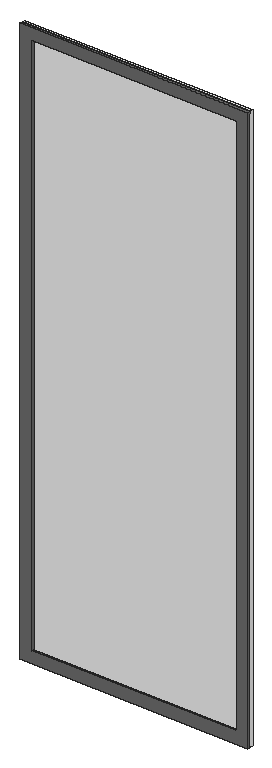
Revit family "Дзеркало", category Мебель, Revit 2019
Family settings
  Номер OmniClass = 23.40.20.00
  Заголовок OmniClass = General Furniture and Specialties
  На основе рабочей плоскости = Нет
  Всегда вертикально = Да
  При загрузке вырезать с полостями = Нет
  Общий = Нет
  Точка расчета площади = Нет
Parameters
  Ширина рамки [instance] = 40 mm
  Ширина [instance] = 800 mm
  Материал рамка зеркала = Материал рамка зеркала
  Рамка [instance] = yes
  Изготовитель = "Литвинчук Артур  //  Катя Панасюк"
  Материал зеркало = Материал зеркало
  Высота [instance] = 2000 mm
  Высота от пола к зеркалу [instance] = 250 mm
  URL = "lytvynchukartur@gmail.com  //  katrinapanasyuk2218@gmail.com"
Reference planes
  plane 1 "По центру (Вперед/Назад)": y = 0
  plane 2: z = 0
  plane 3 "По центру (Влево/Вправо)": x = 0
  plane 4: x = 720
  plane 5: y = -20
  plane 6: z = 290
  plane 7: z = 2210
  plane 8: z = 250
  plane 9 "По центру Л/Р": x = -40
  plane 10: x = 760
  plane 11: z = 2250
  plane 12: y = -10
Forms (mm)
  Extrusion 1, solid, material "Материал зеркало" <- "Материал зеркало"
    sketch origin (0, 0, 0) x (1, 0, 0) y (0, 0, 1)
      loop
        line (-40, 2250) -> (-40, 250) -> (760, 250) -> (760, 2250) -> (-40, 2250)
    from 0 to 10
  Extrusion 2, solid, material "Материал рамка зеркала" <- "Материал рамка зеркала", visible <- "Рамка"
    sketch origin (0, 0, 0) x (1, 0, 0) y (0, 0, 1)
      loop
        line (-40, 2250) -> (-40, 250) -> (760, 250) -> (760, 2250) -> (-40, 2250)
      loop
        line (0, 2210) -> (0, 290) -> (720, 290) -> (720, 2210) -> (0, 2210)
    from 0 to 20
Dimensions and locks
  locked: plane 5 to plane 1 "По центру (Вперед/Назад)" at 20
  "Ширина рамки": plane 6 to plane 8
  "Ширина рамки": plane 3 "По центру (Влево/Вправо)" to plane 9 "По центру Л/Р"
  "Ширина рамки": plane 10 to plane 4
  "Ширина рамки": plane 11 to plane 7
  locked: plane 12 to plane 1 "По центру (Вперед/Назад)" at 10
  "Высота от пола к зеркалу": plane 8 to level
  "Ширина": plane 10 to plane 9 "По центру Л/Р"
  "Высота": plane 11 to plane 8
  aligned and locked: level to plane 2
  aligned and locked: Extrusion 1 to plane 1 "По центру (Вперед/Назад)"
  aligned and locked: Extrusion 1 to plane 12
  aligned and locked: Extrusion 2 sketch curve to plane 11
  aligned and locked: plane 8 to Extrusion 2 sketch curve
  aligned and locked: Extrusion 2 sketch curve to plane 10
  aligned and locked: plane 9 "По центру Л/Р" to Extrusion 2 sketch curve
  aligned and locked: Extrusion 2 sketch curve to plane 7
  aligned and locked: plane 3 "По центру (Влево/Вправо)" to Extrusion 2 sketch curve
  aligned and locked: plane 6 to Extrusion 2 sketch curve
  aligned and locked: Extrusion 2 sketch curve to plane 4
  aligned and locked: Extrusion 2 to plane 1 "По центру (Вперед/Назад)"
  aligned and locked: plane 5 to Extrusion 2
  aligned and locked: plane 8 to Extrusion 1 sketch curve
  aligned and locked: Extrusion 1 sketch curve to plane 10
  aligned and locked: Extrusion 1 sketch curve to plane 11
  aligned and locked: plane 9 "По центру Л/Р" to Extrusion 1 sketch curve
